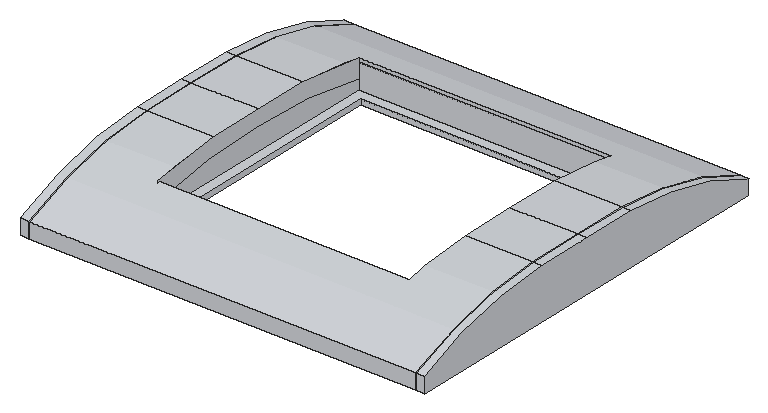
Revit family "Gira_1002766", category Electrical Fixtures, host Face, Revit 2017
Family settings
  Host = Face
  Maintain Annotation Orientation = No
  Round Connector Dimension = Use Diameter
  Part Type = Normal
  Cut with Voids When Loaded = No
  Shared = No
  Room Calculation Point = No
Parameters (values of type "Cov.fr. 2-g w/o cb interm.fr. C Alu Gira Event Clear brown")
  With mounting grid = "No"
  With hinged lid = "No"
  URL = "http://katalog.gira.de/en/datenblatt.html?artikelnr=1002766"
  Type of fastening = "Clamp mounting"
  Transparent = "No"
  Surface protection = "Other"
  Surface finishing = "Glossy"
  Suitable for wall duct = "No"
  Suitable for flush-mounted installation = "Yes"
  Suitable for floor box = "No"
  Suitable for built-in installation = "No"
  Number of units vertical = "2"
  Number of units horizontal = "2"
  Number of units = "2"
  Name = "Cov.fr. 2-g w/o cb interm.fr. C Alu Gira Event Clear brown"
  Mounting direction = "Horizontal and vertical"
  Material quality = "Thermoplastic"
  Material = "Plastic"
  Manufacturer URL = "https://www.gira.de/"
  Manufacturer = "Gira"
  Label space/information surface = "No"
  Keynote = ""
  HeinzeBIM = "https://bimportal.heinze.de/bim/cov-fr-2-g-w-o-cb-interm-fr-c-alu-gira-event-clear-brown/d36012f6bd5f7c00ce344c2aa7395623399ef24f"
  Halogen free = "Yes"
  HAN = "1002766"
  GTIN = "4010337070337"
  Description = "Cov.fr.2g w o cb i.fr.CAl EvCl BN,Gira Event Clear cover frame,brown with colour aluminium intermediate frame,2-gang without crossbar,Features:,- Shatter-proof."
  Degree of protection (IP) = "IP20"
  Default Elevation = 1219.2 mm
  Data sheet (1) = "https://katalog.gira.de/en/download.html?artikelnr=1002766"
  Colour = "Brown"
  Category = "Cover frame for domestic switching devices"
  BIM (1) = "https://media.stage.bim.site/public/gira/36a6b08/Event_Rahmen_2fach o.Mittelsteg.rfa?public/gira/36a6b08/Event_Rahmen_2fach o.Mittelsteg.rfa"
  Available = "No"
Reference planes
  plane 1 "Center (Front/Back)": y = 0
  plane 2: z = 0
  plane 3 "Center (Left/Right)": x = 0
Forms (mm)
  Extrusion 1, solid, detail levels fine
    sketch origin (0, 0, 1.55) x (0, 1, 0) y (0, 0, 1)
      loop
        arc (12.445, 9.683) -> (6.223, 9.833) -> (0, 9.85) r 291.636
        arc (0, 9.85) -> (-6.223, 9.833) -> (-12.445, 9.683) r 291.636
        arc (-12.445, 9.683) -> (-29.14, 7.482) -> (-45, 1.823) r 79.728
        line (-45, 1.823) -> (-45, -1.55) -> (-41.777, -1.55) -> (-41.777, -0.55)
        arc (-41.777, -0.55) -> (-21.205, 4.846) -> (0, 6.467) r 118.15
        arc (0, 6.467) -> (21.205, 4.846) -> (41.777, -0.55) r 118.15
        line (41.777, -0.55) -> (41.777, -1.55) -> (45, -1.55) -> (45, 1.823)
        arc (45, 1.823) -> (29.14, 7.482) -> (12.445, 9.683) r 79.728
    from -43 to 43
  Extrusion 2, void, detail levels fine
    sketch origin (0, 0, 0) x (1, 0, 0) y (0, 1, 0)
      loop
        line (-28, -28) -> (28, -28) -> (28, 28) -> (-28, 28) -> (-28, -28)
    from 2.85 to 12
  Extrusion 3, solid, detail levels coarse
    sketch origin (0, 0, 0) x (1, 0, 0) y (0, 1, 0)
      loop
        line (-45, 45) -> (-45, -45) -> (45, -45) -> (45, 45) -> (-45, 45)
    from 0 to 11.4
  Extrusion 4, solid, detail levels medium
    sketch origin (0, 0, 1.55) x (0, 1, 0) y (0, 0, 1)
      loop
        arc (12.445, 9.683) -> (6.223, 9.833) -> (0, 9.85) r 291.636
        arc (0, 9.85) -> (-6.223, 9.833) -> (-12.445, 9.683) r 291.636
        arc (-12.445, 9.683) -> (-29.14, 7.482) -> (-45, 1.823) r 79.728
        line (-45, 1.823) -> (-45, -1.55) -> (45, -1.55) -> (45, 1.823)
        arc (45, 1.823) -> (29.14, 7.482) -> (12.445, 9.683) r 79.728
    from -45 to 45
  Extrusion 5, solid, detail levels fine
    sketch origin (0, 0, 0) x (0, 1, 0) y (0, 0, 1)
      loop
        arc (45, 3.373) -> (29.14, 9.032) -> (12.445, 11.233) r 79.728
        arc (12.445, 11.233) -> (6.223, 11.383) -> (0, 11.4) r 291.636
        arc (0, 11.4) -> (-6.223, 11.383) -> (-12.445, 11.233) r 291.636
        arc (-12.445, 11.233) -> (-29.14, 9.032) -> (-45, 3.373) r 79.728
        line (-45, 3.373) -> (-45, 0) -> (45, 0) -> (45, 3.373)
    from 43 to 45
  Extrusion 6, solid, detail levels fine
    sketch origin (0, 0, 0) x (0, 1, 0) y (0, 0, -1)
      loop
        line (45, -3.373) -> (45, 0) -> (-45, 0) -> (-45, -3.373)
        arc (-45, -3.373) -> (-29.14, -9.032) -> (-12.445, -11.233) r 79.728
        arc (-12.445, -11.233) -> (-6.223, -11.383) -> (0, -11.4) r 291.636
        arc (0, -11.4) -> (6.223, -11.383) -> (12.445, -11.233) r 291.636
        arc (12.445, -11.233) -> (29.14, -9.032) -> (45, -3.373) r 79.728
    from 43 to 45
  Extrusion 7, solid, detail levels fine
    sketch origin (0, 0, 0) x (1, 0, 0) y (0, 1, 0)
      loop
        line (-25.7, 25.7) -> (-25.7, -25.7) -> (25.7, -25.7) -> (25.7, 25.7) -> (-25.7, 25.7)
      loop
        line (-29.495, 27.895) -> (-29.495, -27.895)
        spline (-29.495, -27.895) -> (-29.486, -28.025) -> (-29.461, -28.154) -> (-29.419, -28.278) -> (-29.361, -28.395) -> (-29.288, -28.504) -> (-29.202, -28.602) -> (-29.104, -28.688) -> (-28.995, -28.761) -> (-28.878, -28.819) -> (-28.754, -28.861) -> (-28.625, -28.886) -> (-28.495, -28.895)
        line (-28.495, -28.895) -> (28.495, -28.895)
        spline (28.495, -28.895) -> (28.625, -28.886) -> (28.754, -28.861) -> (28.878, -28.819) -> (28.995, -28.761) -> (29.104, -28.688) -> (29.202, -28.602) -> (29.288, -28.504) -> (29.361, -28.395) -> (29.419, -28.278) -> (29.461, -28.154) -> (29.486, -28.025) -> (29.495, -27.895)
        line (29.495, -27.895) -> (29.495, 27.895)
        spline (29.495, 27.895) -> (29.486, 28.025) -> (29.461, 28.154) -> (29.419, 28.278) -> (29.361, 28.395) -> (29.288, 28.504) -> (29.202, 28.602) -> (29.104, 28.688) -> (28.995, 28.761) -> (28.878, 28.819) -> (28.754, 28.861) -> (28.625, 28.886) -> (28.495, 28.895)
        line (28.495, 28.895) -> (-28.495, 28.895)
        spline (-28.495, 28.895) -> (-28.625, 28.886) -> (-28.754, 28.861) -> (-28.878, 28.819) -> (-28.995, 28.761) -> (-29.104, 28.688) -> (-29.202, 28.602) -> (-29.288, 28.504) -> (-29.361, 28.395) -> (-29.419, 28.278) -> (-29.461, 28.154) -> (-29.486, 28.025) -> (-29.495, 27.895)
    from 1.673 to 8.5
Cuts and joins
  Extrusion 2 cuts Extrusion 1
  Extrusion 2 cuts Extrusion 7
Dimensions and locks
  aligned and locked: plane 2 to host face
  aligned and locked: level to host face
